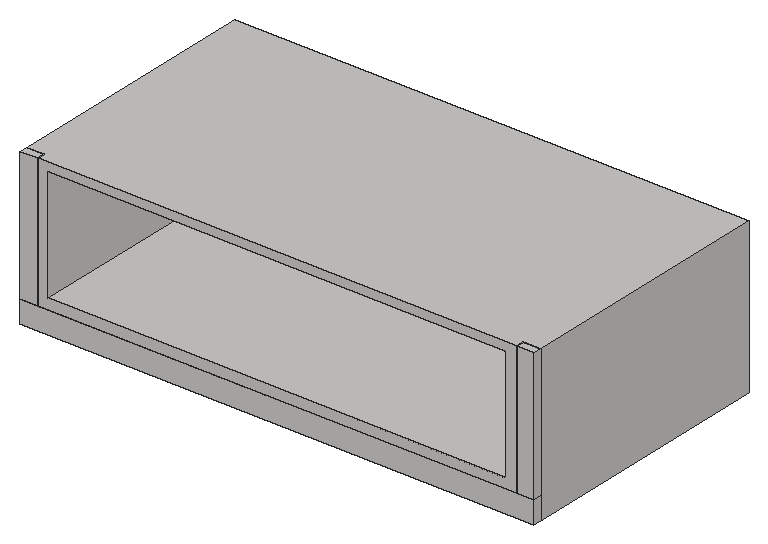
Revit family "QF_ELECTROLUXPROFESSIONAL_588640_MB1MCALOOO", category Attrezzature speciali, Revit 2020
Family settings
  Quota connettore circolare = Usa diametro
  Tipo di parte = Normale
  Basato su piano di lavoro = No
  Sempre verticale = Sì
  Taglio con vuoti quando caricato = No
  Condiviso = No
  Punto di calcolo locali = No
Parameters (values of type "Standard")
  Weight = 28.00 kg
  Watts = 0 W
  Volts = 0 V
  URL Manufacturer = "https://www.electroluxprofessional.com/"
  URL = "https://www.electroluxprofessional.com/"
  Steam Supply Size = 0"
  Steam Supply Minimum Pressure = 0.00 psi
  Steam Supply Maximum Pressure = 0.00 psi
  Steam Consumption per Hour = 0
  Refrigeration Suction Line Size = 0 mm
  Refrigeration Liquid Line Size = 0 mm
  Refrigerant Compressor Remote = yes
  Prospetto di default = 0 mm
  Phase = 0
  Modello = "MB1MCALOOO"
  Produttore = "Electrolux Professional"
  Length Actual = 1500 mm  # constant formula
  Item Number = "588640"
  Hot Water Size = 0"
  Height Actual = 450 mm  # constant formula
  HP = "0 HP"
  Gas Size = 0"
  Gas KW = 0
  Gas Input Pressure = 0.0 Btu/h
  Direct Waste Size = 0"
  Descrizione = "OPEN BASE,1-SIDE,1500X850X450H"
  Depth Actual = 850 mm  # constant formula
  Cycle = 0 Hz
  Condensate Return Size = 0"
  Compressed Air Volume = 0 GPM
  Compressed Air Size = 0"
  Compressed Air Pressure = 0.00 psi
  Cold Water Size = 0"
  Accessory = yes
Reference planes
  plane 1 "BACK": y = 0
  plane 2: z = 0
  plane 3 "LEFT": x = 0
  plane 4 "RIGHT": x = 1500
  plane 5 "FRONT": y = -850
  plane 6 "PLAIN": z = 900
  plane 7 "Center (Left/Right)": x = 750
  plane 8 "Center (Front/Back)": y = -425
  plane 9 "TOP": z = 650
  plane 10 "BASE": z = 200
  plane 11: x = 1422
  plane 12: x = 78
  plane 13 "Feet_back": y = -150
  plane 14 "Feet_Front": y = -720
  plane 15: x = 50
  plane 16: x = 1450
  plane 17: z = 265
  plane 18: y = -45
  plane 19: y = -805
  plane 20: y = -70
  plane 21: y = -830
Forms (mm)
  Extrusion 1, solid, material "QF_Finishes_Stainless Steel"
    sketch origin (0, 0, 650) x (0, 1, 0) y (0, 0, 1)
      loop
        line (-45, -450) -> (-45, 0) -> (-805, 0) -> (-805, -450) -> (-45, -450)
    from 0 to 1500
  Extrusion 2, solid, material "QF_Finishes_Stainless Steel"
    sketch origin (0, 0, 650) x (0, 1, 0) y (0, 0, 1)
      loop
        line (-830, -450) -> (-805, -450) -> (-805, -385) -> (-830, -385) -> (-830, -450)
    from 0 to 1500
  Extrusion 3, void
    sketch origin (0, -850, 0) x (1, 0, 0) y (0, 0, 1)
      loop
        line (50, 650) -> (50, 265) -> (1450, 265) -> (1450, 650) -> (50, 650)
    from 0 to -780
  Extrusion 4, solid, material "QF_Finishes_Stainless Steel"
    sketch origin (0, -850, 0) x (1, 0, 0) y (0, 0, 1)
      loop
        line (80, 650) -> (80, 627) -> (1420, 627) -> (1420, 650) -> (80, 650)
    from -20 to -805
  Extrusion 5, solid, material "QF_Finishes_Stainless Steel"
    sketch origin (0, -850, 0) x (1, 0, 0) y (0, 0, 1)
      loop
        line (50, 650) -> (50, 265) -> (1450, 265) -> (1450, 650) -> (1420, 650) -> (1420, 295) -> (80, 295) -> (80, 650) -> (50, 650)
    from -20 to -780
  Extrusion 6, solid, material "QF_Finishes_Stainless Steel"
    sketch origin (0, -850, 0) x (1, 0, 0) y (0, 0, 1)
      loop
        line (0, 650) -> (0, 265) -> (50, 265) -> (50, 650) -> (0, 650)
    from -20 to -45
  Extrusion 7, solid, material "QF_Finishes_Stainless Steel"
    sketch origin (0, -850, 0) x (1, 0, 0) y (0, 0, 1)
      loop
        line (1450, 650) -> (1450, 265) -> (1500, 265) -> (1500, 650) -> (1450, 650)
    from -20 to -45
Cuts and joins
  Extrusion 3 cuts Extrusion 1
  joined: Extrusion 1, Extrusion 4, Extrusion 5
Lines and regions (mm)
  symbolic lines, style "SpecialityEquipmentHiddenLines"
    curve 1: line (0, 0, 0) -> (1500, 0, 0)
    curve 2: line (0, -850, 0) -> (0, 0, 0)
    curve 3: line (1500, -850, 0) -> (0, -850, 0)
    curve 4: line (1500, 0, 0) -> (1500, -850, 0)
Dimensions and locks
  plane 3 "LEFT" to plane 4 "RIGHT" = 1500 mm
  plane 5 "FRONT" to plane 1 "BACK" = 850 mm
  equal spacing: plane 3 "LEFT", plane 7 "Center (Left/Right)", plane 4 "RIGHT"
  equal spacing: plane 5 "FRONT", plane 8 "Center (Front/Back)", plane 1 "BACK"
  plane 6 "PLAIN" to plane 9 "TOP" = 250 mm
  plane 10 "BASE" to level = 200 mm
  plane 9 "TOP" to plane 10 "BASE" = 450 mm
  locked: plane 1 "BACK" to plane 13 "Feet_back" at 150
  locked: plane 14 "Feet_Front" to plane 5 "FRONT" at 130
  locked: plane 12 to plane 3 "LEFT" at 78
  locked: plane 11 to plane 4 "RIGHT" at 78
  plane 16 to plane 15 = 1400 mm
  equal spacing: plane 16, plane 7 "Center (Left/Right)", plane 15
  locked: plane 17 to plane 10 "BASE" at 65
  locked: plane 1 "BACK" to plane 18 at 45
  plane 9 "TOP" to Extrusion 4 sketch curve = 23 mm
  locked: Extrusion 4 sketch curve to plane 15 at 30
  locked: plane 16 to Extrusion 4 sketch curve at 30
  locked: Extrusion 5 sketch curve to plane 17 at 30
  plane 6 "PLAIN" to level = 900 mm
  Extrusion 5 to Extrusion 5 = 1340 mm
  locked: plane 18 to plane 20 at 25
  locked: plane 21 to plane 5 "FRONT" at 20
  locked: plane 19 to plane 21 at 25
  plane 18 to plane 21 = 785 mm
  aligned and locked: level to plane 2
  aligned and locked: Extrusion 1 to plane 4 "RIGHT"
  aligned and locked: Extrusion 1 to plane 3 "LEFT"
  aligned and locked: Extrusion 2 to plane 4 "RIGHT"
  aligned and locked: plane 9 "TOP" to Extrusion 3 sketch curve
  aligned and locked: Extrusion 3 sketch curve to plane 15
  aligned and locked: plane 16 to Extrusion 3 sketch curve
  aligned and locked: Extrusion 2 to plane 10 "BASE"
  aligned and locked: Extrusion 2 to plane 17
  aligned and locked: plane 17 to Extrusion 3 sketch curve
  aligned and locked: Extrusion 4 to plane 18
  aligned and locked: Extrusion 5 sketch curve to plane 15
  aligned and locked: plane 16 to Extrusion 5 sketch curve
  aligned and locked: plane 9 "TOP" to Extrusion 5 sketch curve  (x2)
  aligned and locked: plane 17 to Extrusion 5 sketch curve
  aligned and locked: Extrusion 5 sketch curve to Extrusion 4  (x2)
  aligned and locked: Extrusion 6 sketch curve to plane 9 "TOP"
  aligned and locked: plane 3 "LEFT" to Extrusion 6 sketch curve
  aligned and locked: Extrusion 6 sketch curve to plane 17
  aligned and locked: Extrusion 6 sketch curve to plane 15
  aligned and locked: Extrusion 7 sketch curve to plane 9 "TOP"
  aligned and locked: plane 16 to Extrusion 7 sketch curve
  aligned and locked: Extrusion 7 sketch curve to plane 17
  aligned and locked: plane 4 "RIGHT" to Extrusion 7 sketch curve
  aligned and locked: Extrusion 5 to plane 20
  aligned and locked: cut or joined group of Extrusion 1, Extrusion 3, Extrusion 4, Extrusion 5 to plane 20
  aligned and locked: cut or joined group of Extrusion 1, Extrusion 3, Extrusion 4, Extrusion 5 to plane 18
  aligned and locked: Extrusion 6 to plane 19
  aligned and locked: plane 21 to Extrusion 6
  aligned and locked: plane 21 to Extrusion 5
  aligned and locked: plane 21 to Extrusion 7
  aligned and locked: Extrusion 7 to plane 19
  aligned and locked: Extrusion 2 to plane 19
  aligned and locked: plane 21 to Extrusion 2
  aligned and locked: plane 21 to cut or joined group of Extrusion 1, Extrusion 3, Extrusion 4, Extrusion 5
Automatic sketch dimensions
  Extrusion 1 sketch curve to plane 10 "BASE" = 0 mm
  Extrusion 1 sketch curve to plane 9 "TOP" = 0 mm
  plane 1 "BACK" to Extrusion 1 sketch curve = 45 mm
  Extrusion 1 sketch curve to plane 5 "FRONT" = 45 mm
  Extrusion 2 sketch curve to plane 5 "FRONT" = 20 mm
  Extrusion 2 sketch curve to plane 9 "TOP" = 385 mm
  plane 10 "BASE" to Extrusion 2 sketch curve = 0 mm
  Extrusion 2 sketch curve to plane 5 "FRONT" = 45 mm
  Extrusion 4 sketch curve to plane 9 "TOP" = 0 mm
  curve 3 to plane 3 "LEFT" = 0 mm
  curve 3 to plane 4 "RIGHT" = 0 mm
  plane 5 "FRONT" to curve 3 = 0 mm
  plane 1 "BACK" to curve 2 = 0 mm
